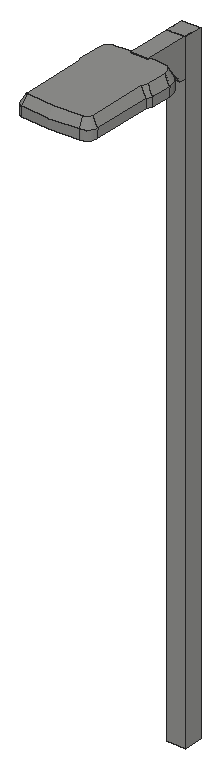
Revit family "VP-2-ADU", category Lighting Fixtures, host Face, Revit 2019 (continued)
Definition of nested family "SIZE2-ADU"
  Automatic sketch dimensions
    Extrusion 22 sketch curve to plane 8 = 0.46661"
    Extrusion 22 sketch curve to Extrusion 22 sketch curve = 0.02618"
    Extrusion 22 sketch curve to Extrusion 22 sketch curve = 0.1119"
    Extrusion 22 sketch curve to plane 8 = 0.03691"
    Extrusion 22 sketch curve to Extrusion 22 sketch curve = 0.36056"
    Extrusion 22 sketch curve to plane 8 = 0.00781"
    Extrusion 22 sketch curve to Extrusion 22 sketch curve = 0.06241"
    Extrusion 22 sketch curve to Extrusion 22 sketch curve = 0.47992"
    Extrusion 22 sketch curve to Extrusion 22 sketch curve = 0.20146"
    Extrusion 23 sketch curve to plane 4 = 1.71682"
    Extrusion 23 sketch curve to plane 8 = 0.46661"
    Extrusion 23 sketch curve to Extrusion 23 sketch curve = 0.02618"
    Extrusion 23 sketch curve to Extrusion 23 sketch curve = 0.1119"
    Extrusion 23 sketch curve to plane 8 = 0.03691"
    Extrusion 23 sketch curve to Extrusion 23 sketch curve = 0.36056"
    Extrusion 23 sketch curve to plane 8 = 0.00781"
    Extrusion 23 sketch curve to Extrusion 23 sketch curve = 0.06241"
    Extrusion 23 sketch curve to Extrusion 23 sketch curve = 0.47992"
    Extrusion 23 sketch curve to Extrusion 23 sketch curve = 0.20146"
    Extrusion 24 sketch curve to plane 4 = 1.71682"
    Extrusion 24 sketch curve to plane 8 = 0.46661"
    Extrusion 24 sketch curve to Extrusion 24 sketch curve = 0.02618"
    Extrusion 24 sketch curve to Extrusion 24 sketch curve = 0.1119"
    Extrusion 24 sketch curve to plane 8 = 0.03691"
    Extrusion 24 sketch curve to Extrusion 24 sketch curve = 0.36056"
    Extrusion 24 sketch curve to plane 8 = 0.00781"
    Extrusion 24 sketch curve to Extrusion 24 sketch curve = 0.06241"
    Extrusion 24 sketch curve to Extrusion 24 sketch curve = 0.47992"
    Extrusion 24 sketch curve to Extrusion 24 sketch curve = 0.20146"
    Extrusion 25 sketch curve to plane 4 = 1.71682"
    Extrusion 25 sketch curve to plane 8 = 0.46661"
    Extrusion 25 sketch curve to Extrusion 25 sketch curve = 0.02618"
    Extrusion 25 sketch curve to Extrusion 25 sketch curve = 0.1119"
    Extrusion 25 sketch curve to plane 8 = 0.03691"
    Extrusion 25 sketch curve to Extrusion 25 sketch curve = 0.36056"
    Extrusion 25 sketch curve to plane 8 = 0.00781"
    Extrusion 25 sketch curve to Extrusion 25 sketch curve = 0.06241"
    Extrusion 25 sketch curve to Extrusion 25 sketch curve = 0.47992"
    Extrusion 25 sketch curve to Extrusion 25 sketch curve = 0.20146"
    Extrusion 26 sketch curve to plane 5 = 1.71682"
    plane 8 to Extrusion 26 sketch curve = 0.46661"
    Extrusion 26 sketch curve to Extrusion 26 sketch curve = 0.02618"
    Extrusion 26 sketch curve to Extrusion 26 sketch curve = 0.1119"
    plane 8 to Extrusion 26 sketch curve = 0.03691"
    Extrusion 26 sketch curve to Extrusion 26 sketch curve = 0.36056"
    plane 8 to Extrusion 26 sketch curve = 0.00781"
    Extrusion 26 sketch curve to Extrusion 26 sketch curve = 0.06241"
    Extrusion 26 sketch curve to Extrusion 26 sketch curve = 0.47992"
    Extrusion 26 sketch curve to Extrusion 26 sketch curve = 0.20146"
    plane 5 to Extrusion 27 sketch curve = 1.71682"
    Extrusion 27 sketch curve to plane 8 = 0.46661"
    Extrusion 27 sketch curve to Extrusion 27 sketch curve = 0.02618"
    Extrusion 27 sketch curve to Extrusion 27 sketch curve = 0.1119"
    Extrusion 27 sketch curve to plane 8 = 0.03691"
    Extrusion 27 sketch curve to Extrusion 27 sketch curve = 0.36056"
    Extrusion 27 sketch curve to plane 8 = 0.00781"
    Extrusion 27 sketch curve to Extrusion 27 sketch curve = 0.06241"
    Extrusion 27 sketch curve to Extrusion 27 sketch curve = 0.47992"
    Extrusion 27 sketch curve to Extrusion 27 sketch curve = 0.20146"
    plane 5 to Extrusion 28 sketch curve = 1.71682"
    Extrusion 28 sketch curve to plane 8 = 0.46661"
    Extrusion 28 sketch curve to Extrusion 28 sketch curve = 0.02618"
    Extrusion 28 sketch curve to Extrusion 28 sketch curve = 0.1119"
    Extrusion 28 sketch curve to plane 8 = 0.03691"
    Extrusion 28 sketch curve to Extrusion 28 sketch curve = 0.36056"
    Extrusion 28 sketch curve to plane 8 = 0.00781"
    Extrusion 28 sketch curve to Extrusion 28 sketch curve = 0.06241"
    Extrusion 28 sketch curve to Extrusion 28 sketch curve = 0.47992"
    Extrusion 28 sketch curve to Extrusion 28 sketch curve = 0.20146"
    plane 5 to Extrusion 29 sketch curve = 1.71682"
    Extrusion 29 sketch curve to plane 8 = 0.46661"
    Extrusion 29 sketch curve to Extrusion 29 sketch curve = 0.02618"
    Extrusion 29 sketch curve to Extrusion 29 sketch curve = 0.1119"
    Extrusion 29 sketch curve to plane 8 = 0.03691"
    Extrusion 29 sketch curve to Extrusion 29 sketch curve = 0.36056"
    Extrusion 29 sketch curve to plane 8 = 0.00781"
    Extrusion 29 sketch curve to Extrusion 29 sketch curve = 0.06241"
    Extrusion 29 sketch curve to Extrusion 29 sketch curve = 0.47992"
    Extrusion 29 sketch curve to Extrusion 29 sketch curve = 0.20146"
    plane 5 to Extrusion 30 sketch curve = 1.71682"
    Extrusion 30 sketch curve to plane 8 = 0.46661"
    Extrusion 30 sketch curve to Extrusion 30 sketch curve = 0.02618"
    Extrusion 30 sketch curve to Extrusion 30 sketch curve = 0.1119"
    Extrusion 30 sketch curve to plane 8 = 0.03691"
    Extrusion 30 sketch curve to Extrusion 30 sketch curve = 0.36056"
    Extrusion 30 sketch curve to plane 8 = 0.00781"
    Extrusion 30 sketch curve to Extrusion 30 sketch curve = 0.06241"
    Extrusion 30 sketch curve to Extrusion 30 sketch curve = 0.47992"
    Extrusion 30 sketch curve to Extrusion 30 sketch curve = 0.20146"
    plane 5 to Extrusion 31 sketch curve = 1.77513"
    Extrusion 31 sketch curve to Extrusion 31 sketch curve = 0.35"  (x3)
    Extrusion 31 sketch curve to plane 4 = 2.07197"  (x2)
    plane 6 to Extrusion 31 sketch curve = 7.81182"
    Extrusion 31 sketch curve to Extrusion 31 sketch curve = 5.05"
    plane 5 to Extrusion 32 sketch curve = 2.33171"
    Extrusion 32 sketch curve to Extrusion 32 sketch curve = 0.00"  (x61)
    Extrusion 32 sketch curve to Extrusion 32 sketch curve = 0.51875"  (x27)
    plane 6 to Extrusion 32 sketch curve = 8.73694"
    Extrusion 32 sketch curve to Extrusion 32 sketch curve = 0.50"  (x72)
    plane 4 to Extrusion 33 sketch curve = 2.33171"
    Extrusion 33 sketch curve to Extrusion 33 sketch curve = 0.00"  (x61)
    Extrusion 33 sketch curve to Extrusion 33 sketch curve = 0.51875"  (x27)
    Extrusion 33 sketch curve to plane 6 = 8.73694"
    Extrusion 33 sketch curve to Extrusion 33 sketch curve = 0.50"  (x72)
    plane 5 to Extrusion 34 sketch curve = 1.89345"
    Extrusion 34 sketch curve to Extrusion 34 sketch curve = 0.25"  (x3)
    Extrusion 34 sketch curve to plane 3 "Center (Left/Right)" = 0.54655"  (x2)
    plane 6 to Extrusion 34 sketch curve = 8.2409"
    Extrusion 34 sketch curve to Extrusion 34 sketch curve = 4.50"
    plane 4 to Extrusion 35 sketch curve = 1.89345"
    Extrusion 35 sketch curve to Extrusion 35 sketch curve = 0.25"  (x3)
    Extrusion 35 sketch curve to plane 3 "Center (Left/Right)" = 0.54655"  (x2)
    Extrusion 35 sketch curve to plane 6 = 8.2409"
    Extrusion 35 sketch curve to Extrusion 35 sketch curve = 4.50"
    Extrusion 36 sketch curve to plane 8 = 0.00"
    Extrusion 36 sketch curve to plane 9 = 0.00"
    plane 8 to Extrusion 36 sketch curve = 0.79603"
    Extrusion 36 sketch curve to Extrusion 36 sketch curve = 1.20397"
    Extrusion 36 sketch curve to level = 1.406"
    plane 8 to Extrusion 36 sketch curve = 3.692"
    level to Extrusion 36 sketch curve = 1.12478"
    Extrusion 36 sketch curve to plane 6 = 4.192"
    plane 6 to Extrusion 36 sketch curve = 1.18918"
    radius of Extrusion 7 sketch curve = 0.15"  (x81)
    radius of Extrusion 8 sketch curve = 0.15"  (x81)
    radius of Extrusion 32 sketch curve = 0.15"  (x81)
    radius of Extrusion 33 sketch curve = 0.15"  (x81)
